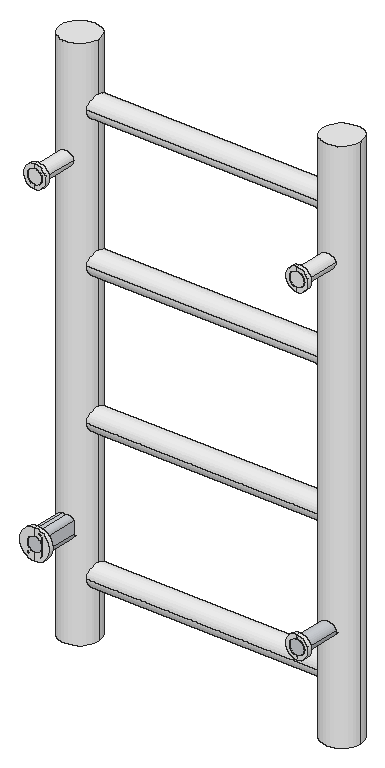
Revit family "BLG-350 R", category Generic Models, host Wall, Revit 2017
Family settings
  Host = Wall
  Can host rebar = No
  Round Connector Dimension = Use Diameter
  Part Type = Normal
  Always vertical = Yes
  Cut with Voids When Loaded = No
  Shared = No
  Room Calculation Point = No
Parameters (values of type "BLG-350_R")
  URL = "http://www.sentakia.com/sahkotoimiset-pyyhekuivaimet/"
  Teho = "30 W"
  Sähkönumero = "8112523"
  Sentakia_Material_Default = Stainless Steel, Polished_sentakia
  Model = "BLG-350 R"
  Materiaali = "kiillotettu RST"
  Manufacturer = "Sentakia Oy"
  Leveys = 350 mm  # constant formula
  LVI = "5282108"
  Keynote = "6120"
  Kenkäkoukkupari [instance] = no
  IP = "IP 34"
  Height = 720 mm  # constant formula
  ELO-600 kromi [instance] = no
  EAN = "6430034743194"
  Depth = 100 mm  # constant formula
  Assembly Code = ""
  2-osainen koukku pitkä [instance] = no
  2-osainen koukku lyhyt [instance] = no
Reference planes
  plane 1 "Wall": y = 0
  plane 2 "Center (Left/Right)": x = 125
  plane 3 "Back": y = 150
  plane 4: z = 1900
  plane 5: y = 250
  plane 6: y = 200
  plane 7 "Center of lower handler": z = 1320
  plane 8: z = 1760
  plane 9: z = 1790
  plane 10: z = 1330
  plane 11: z = 1310
  plane 12 "r": x = 300
  plane 13 "l": x = -50
  plane 14: y = 225
  plane 15 "Tikas1": z = 1820
  plane 16 "Tikas2": z = 1633.333
  plane 17 "Tikas3": z = 1446.667
  plane 18 "Tikas4": z = 1260
  plane 19 "Bottom": z = 1180
Forms (mm)
  Extrusion 1, solid, material "Stainless Steel, Polished_sentakia" <- "Sentakia_Material_Default", detail levels medium+fine
    sketch origin (0, 0, 310) x (1, 0, 0) y (0, 0, 1)
      loop
        circle (-50, 1450) r 10
    from -225 to -150
  Extrusion 2, solid, material "Stainless Steel, Polished_sentakia" <- "Sentakia_Material_Default", detail levels medium+fine
    sketch origin (0, 0, 0) x (1, 0, 0) y (0, 1, 0)
      loop
        circle (-50, 225) r 25
    from 1180 to 1900
  Extrusion 3, solid, material "Stainless Steel, Polished_sentakia" <- "Sentakia_Material_Default", detail levels medium+fine
    sketch origin (0, 0, 0) x (1, 0, 0) y (0, 1, 0)
      loop
        circle (300, 225) r 25
    from 1180 to 1900
  Extrusion 4, solid, material "Stainless Steel, Polished_sentakia" <- "Sentakia_Material_Default", detail levels medium+fine
    sketch origin (125, 0, 0) x (0, 1, 0) y (0, 0, 1)
      loop
        circle (225, 1820) r 15
    from -175 to 175
  Extrusion 5, solid, material "Stainless Steel, Polished_sentakia" <- "Sentakia_Material_Default", detail levels medium+fine
    sketch origin (125, 0, -160) x (0, 1, 0) y (0, 0, 1)
      loop
        circle (225, 1793.333) r 15
    from -175 to 175
  Extrusion 6, solid, material "Stainless Steel, Polished_sentakia" <- "Sentakia_Material_Default", detail levels medium+fine
    sketch origin (125, 0, -320) x (0, 1, 0) y (0, 0, 1)
      loop
        circle (225, 1766.667) r 15
    from -175 to 175
  Revolve 7, solid, material "Stainless Steel, Polished_sentakia" <- "Sentakia_Material_Default", detail levels medium+fine
    sketch origin (300, 0, 0) x (0, 0, 1) y (0, 1, 0)
      loop
        line (1770, 150) -> (1775, 150) -> (1775, 155) -> (1770, 155) -> (1770, 150)
      axis (1760, 150) -> (1760, 155)
    angle from 0 to 360
  Revolve 8, solid, material "Stainless Steel, Polished_sentakia" <- "Sentakia_Material_Default", detail levels medium+fine
    sketch origin (-50, 0, 0) x (0, 0, 1) y (0, 1, 0)
      loop
        line (1770, 150) -> (1775, 150) -> (1775, 155) -> (1770, 155) -> (1770, 150)
      axis (1760, 150) -> (1760, 155)
    angle from 0 to 360
  Extrusion 9, solid, material "Stainless Steel, Polished_sentakia" <- "Sentakia_Material_Default", detail levels medium+fine
    sketch origin (0, 0, 0) x (1, 0, 0) y (0, 0, 1)
      loop
        circle (300, 1760) r 10
    from -225 to -150
  Extrusion 10, solid, material "Stainless Steel, Polished_sentakia" <- "Sentakia_Material_Default", detail levels medium+fine
    sketch origin (125, 0, -480) x (0, 1, 0) y (0, 0, 1)
      loop
        circle (225, 1740) r 15
    from -175 to 175
  Extrusion 11, solid, detail levels coarse
    sketch origin (125, 0, 0) x (0, 1, 0) y (0, 0, 1)
      loop
        line (250, 1900) -> (150, 1900) -> (150, 1180) -> (250, 1180) -> (250, 1900)
    from -175 to 175
  Revolve 12, solid, material "Stainless Steel, Polished_sentakia" <- "Sentakia_Material_Default", detail levels medium+fine
    sketch origin (300, 0, 0) x (0, 0, 1) y (0, 1, 0)
      loop
        line (1330, 150) -> (1335, 150) -> (1335, 155) -> (1330, 155) -> (1330, 150)
      axis (1320, 150) -> (1320, 155)
    angle from 0 to 360
  Extrusion 13, solid, detail levels medium+fine
    sketch origin (0, 0, 0) x (1, 0, 0) y (0, 0, 1)
      loop
        circle (300, 1320) r 10
    from -225 to -150
  Extrusion 14, solid, detail levels medium+fine
    sketch origin (68.89, 0, -87.82) x (1, 0, 0) y (0, 0, 1)
      loop
        arc (-115.89, 1392.82) -> (-110.94, 1394.87) -> (-108.89, 1399.82) r 7
        line (-108.89, 1399.82) -> (-108.89, 1415.82)
        arc (-108.89, 1415.82) -> (-110.94, 1420.77) -> (-115.89, 1422.82) r 7
        line (-115.89, 1422.82) -> (-121.89, 1422.82)
        arc (-121.89, 1422.82) -> (-126.84, 1420.77) -> (-128.89, 1415.82) r 7
        line (-128.89, 1415.82) -> (-128.89, 1399.82)
        arc (-128.89, 1399.82) -> (-126.84, 1394.87) -> (-121.89, 1392.82) r 7
        line (-121.89, 1392.82) -> (-115.89, 1392.82)
    from -225 to -150
  Revolve 15, solid, material "Stainless Steel, Polished_sentakia" <- "Sentakia_Material_Default", detail levels medium+fine
    sketch origin (-50, 0, 0) x (0, 0, 1) y (0, 1, 0)
      loop
        line (1330, 150) -> (1340, 150) -> (1340, 155) -> (1330, 155) -> (1330, 150)
      axis (1320, 150) -> (1320, 155)
    angle from 0 to 360
Cuts and joins
  joined: Extrusion 1, Extrusion 2, Extrusion 3, Extrusion 4, Extrusion 5, Extrusion 6, Extrusion 9, Extrusion 10
Text (mm)
  text "Placement Side" at (-1848.837, 1116.779, 0), in view "Ref. Level"
  text "Placement side" at (0, 1409.804, 2854.306), in view "Left"
  text "Placement side" at (0, 499.811, 2980.732), in view "Right"
Dimensions and locks
  locked: plane 3 "Back" to host wall
  "Depth": plane 5 to host wall
  plane 5 to plane 6 = 50 mm
  "Leveys": plane 13 "l" to plane 12 "r"
  plane 8 to level = 1760 mm
  locked: host wall to plane 14 at 75
  plane 19 "Bottom" to plane 7 "Center of lower handler" = 140 mm
  plane 4 to plane 8 = 140 mm
  plane 8 to plane 16 "Tikas2" to plane 7 "Center of lower handler" = 126.667 mm, 313.333 mm
  equal spacing: plane 13 "l", plane 2 "Center (Left/Right)", plane 12 "r"
  "Height": plane 19 "Bottom" to plane 4
  equal spacing: plane 18 "Tikas4", plane 17 "Tikas3", plane 16 "Tikas2", plane 15 "Tikas1"
  plane 15 "Tikas1" to plane 4 = 80 mm
  plane 19 "Bottom" to plane 18 "Tikas4" = 80 mm
  aligned and locked: plane 1 "Wall" to host wall
  aligned and locked: Extrusion 1 to host wall
  aligned and locked: plane 4 to Extrusion 2
  aligned and locked: plane 4 to Extrusion 3
  aligned and locked: plane 13 "l" to Extrusion 4
  aligned and locked: Extrusion 4 to plane 12 "r"
  aligned and locked: Extrusion 6 to plane 12 "r"
  aligned and locked: plane 13 "l" to Extrusion 6
  aligned and locked: Extrusion 5 to plane 12 "r"
  aligned and locked: plane 13 "l" to Extrusion 5
  aligned and locked: Revolve 7 sketch curve to plane 8
  aligned and locked: Revolve 8 sketch curve to plane 8
  aligned and locked: Extrusion 9 to host wall
  aligned and locked: plane 13 "l" to Extrusion 1 sketch curve
  aligned and locked: plane 12 "r" to Extrusion 9 sketch curve
  aligned and locked: plane 8 to Extrusion 9 sketch curve
  aligned and locked: Extrusion 1 to Extrusion 9
  aligned and locked: Extrusion 9 to plane 14
  aligned and locked: cut or joined group 1 (Extrusion 1, Extrusion 2, Extrusion 3, Extrusion 4, Extrusion 5, Extrusion 6, Extrusion 9, Extrusion 10) to plane 19 "Bottom"  (x2)
  aligned and locked: Extrusion 10 to plane 12 "r"
  aligned and locked: plane 13 "l" to Extrusion 10
  aligned and locked: plane 4 to Extrusion 11
  aligned and locked: Extrusion 11 to cut or joined group 1
  aligned and locked: Extrusion 11 to plane 12 "r"
  aligned and locked: plane 13 "l" to Extrusion 11
  aligned and locked: Extrusion 11 to host wall
  aligned and locked: Extrusion 13 to plane 14
  aligned and locked: Extrusion 13 to host wall
  aligned and locked: Extrusion 14 to plane 14
  aligned and locked: Extrusion 14 to host wall
  aligned and locked: plane 14 to Extrusion 14
  aligned and locked: plane 13 "l" to Extrusion 2 sketch curve
  aligned and locked: plane 14 to Extrusion 2 sketch curve
  aligned and locked: plane 12 "r" to Extrusion 3 sketch curve
  aligned and locked: plane 14 to Extrusion 3 sketch curve
  aligned and locked: plane 14 to Extrusion 4 sketch curve
  aligned and locked: plane 15 "Tikas1" to Extrusion 4 sketch curve
  aligned and locked: plane 14 to Extrusion 5 sketch curve
  aligned and locked: plane 16 "Tikas2" to Extrusion 5 sketch curve
  aligned and locked: plane 17 "Tikas3" to Extrusion 6 sketch curve
  aligned and locked: plane 14 to Extrusion 6 sketch curve
  aligned and locked: plane 18 "Tikas4" to Extrusion 10 sketch curve
  aligned and locked: plane 14 to Extrusion 10 sketch curve
Automatic sketch dimensions
  Extrusion 1 sketch curve to plane 8 = 0 mm
  Revolve 7 sketch curve to host wall = 0 mm  (x2)
  host wall to Revolve 7 sketch curve = 5 mm
  plane 8 to Revolve 7 sketch curve = 10 mm
  Revolve 7 sketch curve to plane 9 = 15 mm
  plane 6 to Revolve 7 sketch curve = 20 mm
  Revolve 8 sketch curve to host wall = 0 mm  (x2)
  Revolve 8 sketch curve to Revolve 8 sketch curve = 10 mm
  Revolve 8 sketch curve to plane 9 = 15 mm
  host wall to Revolve 8 sketch curve = 5 mm
  plane 6 to Revolve 8 sketch curve = 20 mm
  Extrusion 11 sketch curve to host wall = 0 mm
  Extrusion 11 sketch curve to plane 5 = 0 mm
  Extrusion 11 sketch curve to plane 19 "Bottom" = 0 mm
  Extrusion 11 sketch curve to plane 4 = 0 mm
  Revolve 12 sketch curve to host wall = 0 mm  (x2)
  Revolve 12 sketch curve to plane 7 "Center of lower handler" = 0 mm
  Revolve 12 sketch curve to plane 10 = 0 mm
  Revolve 12 sketch curve to Revolve 12 sketch curve = 5 mm
  host wall to Revolve 12 sketch curve = 5 mm
  plane 6 to Revolve 12 sketch curve = 20 mm
  Extrusion 13 sketch curve to plane 7 "Center of lower handler" = 0 mm
  plane 12 "r" to Extrusion 13 sketch curve = 0 mm
  plane 13 "l" to Extrusion 14 sketch curve = 10 mm
  plane 13 "l" to Extrusion 14 sketch curve = 3 mm  (x2)
  Extrusion 14 sketch curve to plane 13 "l" = 3 mm  (x2)
  Extrusion 14 sketch curve to Extrusion 14 sketch curve = 7 mm
  Extrusion 14 sketch curve to plane 11 = 5 mm
  Extrusion 14 sketch curve to plane 10 = 2 mm
  Revolve 15 sketch curve to host wall = 0 mm  (x2)
  Revolve 15 sketch curve to plane 7 "Center of lower handler" = 0 mm
  Revolve 15 sketch curve to plane 10 = 0 mm
  Revolve 15 sketch curve to Revolve 15 sketch curve = 10 mm
  host wall to Revolve 15 sketch curve = 5 mm
  plane 6 to Revolve 15 sketch curve = 20 mm
  radius of Extrusion 1 sketch curve = 10 mm
  radius of Extrusion 2 sketch curve = 25 mm
  radius of Extrusion 3 sketch curve = 25 mm
  radius of Extrusion 4 sketch curve = 15 mm
  radius of Extrusion 5 sketch curve = 15 mm
  radius of Extrusion 6 sketch curve = 15 mm
  radius of Extrusion 9 sketch curve = 10 mm
  radius of Extrusion 10 sketch curve = 15 mm
  radius of Extrusion 13 sketch curve = 10 mm
Connectors
  electrical at (-50, 150, 1320)
    settings: on Extrusion 14, index 1, voltage 230 V, apparent load 0 VA, apparent load phase1 0 VA, apparent load phase2 0 VA, apparent load phase3 0 VA, power factor 1, load classification "Other", number of poles 1, system type 31, power factor state 1, is connector primary yes, connector utility no, sub classification motor no, connector description ""
